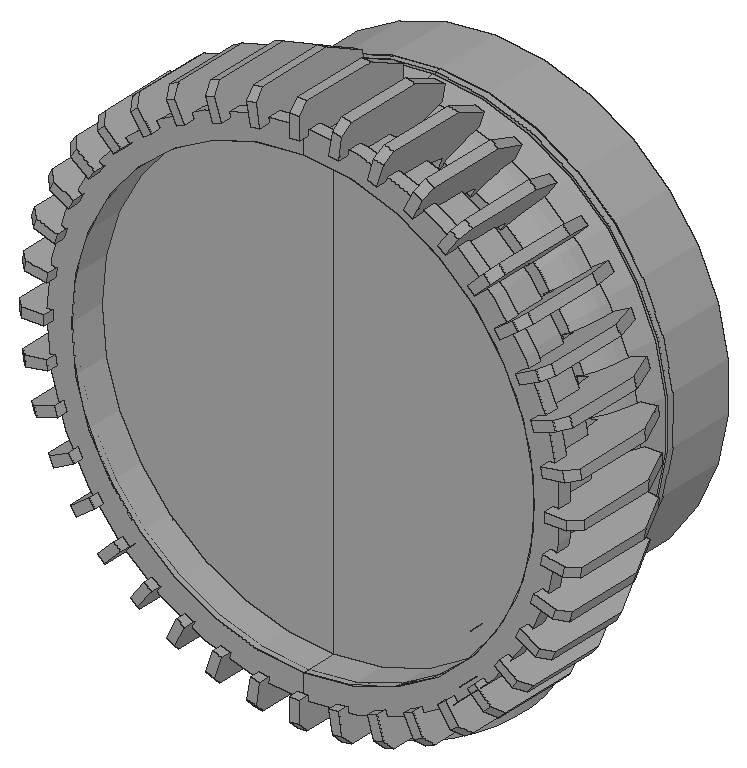
Revit family "KSL_Kemlu-Wall Mount", category Lighting Fixtures, host Face, Revit 2021
Family settings
  Host = Face
  Round Connector Dimension = Use Diameter
  Part Type = Normal
  OmniClass Number = 23.80.70.14
  OmniClass Title = Luminaries for External Lighting
  Cut with Voids When Loaded = No
  Light Source = Yes
  Shared = No
  Room Calculation Point = No
Parameters (values of type "KSL-18L-X-5K-5M")
  Wattage Comments = "43 Watts"
  Wattage = 43 W
  Watt = 43 W
  built-in parameter 1150110 = 1 (stored number, unit not read)
  Voltage = 277 V
  URL = "https://www.currentlighting.com/columbia"
  built-in parameter 1114217 = 1 (stored number, unit not read)
  Tilt Angle = -90.00°
  built-in parameter 1150109 = 1 (stored number, unit not read)
  built-in parameter 1150134 = 2
  built-in parameter 1150113 = 1 (stored number, unit not read)
  Product Page URL = ""
  Product Documentation Link = ""
  Power Factor = 1
  Photometric Web File = "KXL-18L-X-5K-5M.ies"
  Optics = "Type V Square"
  Mount = "Wall Mount"  # constant formula
  Model = "KSL - Kemlux III LED Series"  # constant formula
  Material Finish = Powdercoat - Gray
  Manufacturer = " Columbia Lighting"  # constant formula
  built-in parameter 1150105 = 352.45 (stored number, unit not read)
  Lumens = 4429 lm
  built-in parameter 1150115 = 1 (stored number, unit not read)
  Load Classification = Lighting
  built-in parameter 1150137 = (empty or 0)
  built-in parameter 1150139 = (empty or 0)
  built-in parameter 1150112 = 1 (stored number, unit not read)
  built-in parameter 1150114 = 1 (stored number, unit not read)
  Lamp = "18 High Performanc LEDs"
  built-in parameter 1150132 = (empty or 0)
  built-in parameter 1150102 = (empty or 0)
  built-in parameter 1150107 = 5000 (stored number, unit not read)
  built-in parameter 1150138 = (empty or 0)
  built-in parameter 1150106 = 3.5245 (stored number, unit not read)
  Glass = White Glass
  Emit from Circle Diameter = 0' - 11"
  Emit Shape Visible in Rendering = no
  built-in parameter 1150104 = 9.569 (stored number, unit not read)
  Dimming Lamp Color Temperature Shift = <None>
  Description = "Enclosed and gasketed LED fixture series"  # constant formula
  Default Elevation = 4' - 0"
  Color Filter = 16777215
  built-in parameter 1114218 = 1 (stored number, unit not read)
  built-in parameter 1150133 = 10 (stored number, unit not read)
  Apparent Load = Watt / Power Factor  # 43 VA
Reference planes (in)
  plane 1 "Center (Front/Back)": y = 0
  plane 2: z = 0
  plane 3 "Center (Left/Right)": x = 0
Lines and regions (in)
  reference lines
    curve 1: line (-5.55547, 0, 5.53932) -> (10.19453, 0, 5.53932)
    curve 2: line (7.29478, 0, 7.53677) -> (-0.62911, 0, -2.76915)
Dimensions and locks (in)
  aligned and locked: plane 2 to host face
  aligned and locked: level to host face
  aligned and locked: plane 1 "Center (Front/Back)" to nested 1
  aligned and locked: plane 3 "Center (Left/Right)" to nested 1
  aligned and locked: nested 2 to plane 3 "Center (Left/Right)"
  aligned and locked: nested 2 to nested 1
  aligned and locked: imposter light to nested 2  (x2)
  aligned and locked: plane 3 "Center (Left/Right)" to imposter light
Nested families (in)
  nested 1: "KSL_Wall Mount" at (0, 0, 0), type "KSL_Wall Mount"
  nested 2: "KSL" at (0, -0.625, 8.5) x (0, 0, -1) z (0, -1, 0), type "KSL"
Connectors (in)
  electrical at (0, 0, 0), driven by "Load Classification", driven by "Voltage", driven by "Apparent Load", driven by "Power Factor"
    settings: on nested 1, index 1, voltage 277 V, apparent load 43 VA, apparent load phase1 0 VA, apparent load phase2 0 VA, apparent load phase3 0 VA, power factor 1, load classification "Lighting", number of poles 1, system type 30, power factor state 1, is connector primary yes, connector utility no, sub classification motor no, connector description "Lighting Connector"
Definition of nested family "KSL_Wall Mount"
  Parameters
    Wattage Comments = ""
    URL = "http://www.hubbellindustrial.com/"
    Model = "KSL - Kemlux III LED"  # constant formula
    Material Finish = none
    Manufacturer = "Hubbell Industrial Lighting"  # constant formula
    Lamp = ""
    Description = ""
    Default Elevation = 4' - 0"
    Apparent Load = 0 VA
  Reference planes (in)
    plane 1 "Center (Front/Back)": y = 0
    plane 2: z = 0
    plane 3 "Center (Left/Right)": x = 0
    plane 4: y = 1.125
    plane 5: y = -0.625
    plane 6: y = 2.5
    plane 7: y = -2.5
    plane 8: z = 1
    plane 9: z = 8.5
    plane 10: x = -1.25
    plane 11: x = 1.25
    plane 12: x = -0.5
    plane 13: x = 0.5
  Forms (in)
    Extrusion 1, solid
      sketch origin (0, 0, 0) x (1, 0, 0) y (0, 1, 0)
        loop
          line (-48, 48) -> (-48, -48) -> (48, -48) -> (48, 48) -> (-48, 48)
      from 0 to -12
    Extrusion 2, solid, material <- "Material Finish"
      sketch origin (0, 0, 0) x (1, 0, 0) y (0, 1, 0)
        loop
          spline (0, -2.5) -> (0.42151, -2.41481) -> (0.8143, -2.16506) -> (1.1516, -1.76777) -> (1.41042, -1.25) -> (1.57311, -0.64705) -> (1.62861, 0) -> (1.57311, 0.64705) -> (1.41042, 1.25) -> (1.1516, 1.76777) -> (0.8143, 2.16506) -> (0.42151, 2.41481) -> (0, 2.5)
          spline (0, 2.5) -> (-0.42151, 2.41481) -> (-0.8143, 2.16506) -> (-1.1516, 1.76777) -> (-1.41042, 1.25) -> (-1.57311, 0.64705) -> (-1.62861, 0) -> (-1.57311, -0.64705) -> (-1.41042, -1.25) -> (-1.1516, -1.76777) -> (-0.8143, -2.16506) -> (-0.42151, -2.41481) -> (0, -2.5)
      from 0 to 1
    Extrusion 3, solid, material <- "Material Finish"
      sketch origin (0, 0, 0) x (1, 0, 0) y (0, 0, 1)
        loop
          arc (1.25, 2.63165) -> (0, 14.5) -> (-1.25, 2.63165) r 6
          line (-1.25, 2.63165) -> (-1.25, 1) -> (1.25, 1) -> (1.25, 2.63165)
      from 0.625 to -1.125
    Extrusion 4, solid, material <- "Material Finish"
      sketch origin (0, 0, 0) x (0, 1, 0) y (0, 0, 1)
        loop
          line (-0.625, 2.25) -> (-1.875, 1) -> (-0.625, 1) -> (-0.625, 2.25)
      from 0.5 to -0.5
  Lines and regions (in)
    reference lines
      curve 1: line (-5.55547, 0, 5.53932) -> (10.19453, 0, 5.53932)
      curve 2: line (7.29478, 0, 7.53677) -> (-0.62911, 0, -2.76915)
  Dimensions and locks (in)
    equal spacing: plane 6, plane 1 "Center (Front/Back)", plane 7, locked at 2.5 each
    locked: plane 8 to plane 2 at 1
    locked: plane 4 to plane 5 at 1.75
    locked: plane 4 to plane 1 "Center (Front/Back)" at 1.125
    plane 1 "Center (Front/Back)" to plane 6 = 0' - 2 1/2"
    locked: plane 9 to plane 8 at 7.5
    equal spacing: plane 11, plane 3 "Center (Left/Right)", plane 10, locked at 1.25 each
    equal spacing: plane 13, plane 3 "Center (Left/Right)", plane 12, locked at 0.5 each
    radius of Extrusion 3 sketch curve = 0' - 6"
    aligned and locked: plane 2 to Extrusion 1
    aligned and locked: level to Extrusion 1
    aligned and locked: plane 1 "Center (Front/Back)" to Extrusion 2 sketch curve
    aligned and locked: plane 3 "Center (Left/Right)" to Extrusion 2 sketch curve
    aligned and locked: plane 8 to Extrusion 2
    aligned and locked: Extrusion 2 to plane 2
    aligned and locked: plane 3 "Center (Left/Right)" to Extrusion 3 sketch curve
    aligned and locked: Extrusion 3 sketch curve to plane 8
    aligned and locked: plane 4 to Extrusion 3
    aligned and locked: plane 5 to Extrusion 3
    aligned and locked: plane 9 to Extrusion 3 sketch curve
    aligned and locked: Extrusion 3 sketch curve to plane 10
    aligned and locked: plane 11 to Extrusion 3 sketch curve
    aligned and locked: Extrusion 4 to plane 12
    aligned and locked: Extrusion 4 to plane 13
  Automatic sketch dimensions
    Extrusion 1 sketch curve to Extrusion 1 sketch curve = 8' - 0"  (x2)
    curve 1 to plane 3 "Center (Left/Right)" = 0' - 5.55547"
    curve 2 to plane 3 "Center (Left/Right)" = 0' - 0.62911"
    curve 2 to level = 0' - 2.76915"
    level to curve 1 = 0' - 5.53932"
    curve 1 to curve 2 = 0' - 1.99745"
    plane 3 "Center (Left/Right)" to curve 2 = 0' - 7.29478"
    curve 2 to curve 1 = 0' - 2.89976"
    plane 7 to Extrusion 2 sketch curve = 0' - 0"
    Extrusion 4 sketch curve to plane 8 = 0' - 0"
    Extrusion 4 sketch curve to plane 7 = 0' - 0 5/8"
    Extrusion 4 sketch curve to plane 5 = 0' - 0"
    plane 8 to Extrusion 4 sketch curve = 0' - 1 1/4"
Definition of nested family "KSL"
  Parameters
    Wattage Comments = ""
    URL = ""
    Model = ""
    Material Finish = none
    Manufacturer = ""
    Lamp = ""
    IES FILE LINK = ""
    Glass = none
    Description = ""
    Default Elevation = 4' - 0"
    Apparent Load = 0 VA
  Reference planes (in)
    plane 1 "Center (Front/Back)": y = 0
    plane 2: z = 0
    plane 3 "Center (Left/Right)": x = 0
    plane 4: x = -7.25
    plane 5: x = 7.25
    plane 6: x = -5.5
    plane 7: x = 5.5
  Forms (in)
    Extrusion 1, solid
      sketch origin (0, 0, 0) x (1, 0, 0) y (0, 1, 0)
        loop
          line (-48, 48) -> (-48, -48) -> (48, -48) -> (48, 48) -> (-48, 48)
      from 0 to -12
    Revolve 2, solid, material <- "Material Finish"
      sketch origin (0, 0, -1.3125) x (1, 0, 0) y (0, 0, 1)
        loop
          line (5.73742, 2.6875) -> (6.24933, 2.6875)
          arc (6.24933, 2.6875) -> (6.15662, 3.19814) -> (5.89032, 3.6436) r 1.45262
          line (5.89032, 3.6436) -> (5.5, 3.6436) -> (5.5, 4.37254) -> (6.34375, 4.37254) -> (6.34375, 5.37007) -> (6.59375, 5.37007) -> (6.59375, 5.71977) -> (5.95302, 5.71977) -> (5.95302, 4.75) -> (0, 4.75) -> (0, 1.3125) -> (6, 1.3125) -> (6, 1.47979) -> (5.5, 1.47979) -> (5.5, 1.5625) -> (5.99031, 1.5625) -> (5.73742, 2.6875)
        axis (0, 5.71977) -> (0, 1.3125)
      angle from 0 to 360
    Extrusion 3, solid, material <- "Glass"
      sketch origin (0, 0, -1.3125) x (1, 0, 0) y (0, 1, 0)
        loop
          circle (0, 0) r 5.95302
      from 5.71977 to 5.56262
    Extrusion 4, solid, material <- "Material Finish"
      sketch origin (0, 0, -1.3125) x (1, 0, 0) y (0, 0, 1)
        loop
          line (6.42821, 6) -> (6.42821, 5.66655) -> (6.045, 3.7335) -> (5.75, 3.7335) -> (5.75, 3.06247) -> (6.1875, 3.06247) -> (6.31956, 2.66852) -> (6.75, 2.66852) -> (7.25, 3.69367) -> (7.25, 5.75) -> (7, 6) -> (6.42821, 6)
      from 0.125 to -0.125
    Extrusion 5, solid, material <- "Material Finish"
      sketch origin (0, 0, -1.3125) x (0.987688, -0.156434, 0) y (0, 0, 1)
        loop
          line (6.42821, 6) -> (6.42821, 5.66655) -> (6.045, 3.7335) -> (5.75, 3.7335) -> (5.75, 3.06247) -> (6.1875, 3.06247) -> (6.31956, 2.66852) -> (6.75, 2.66852) -> (7.25, 3.69367) -> (7.25, 5.75) -> (7, 6) -> (6.42821, 6)
      from 0.125 to -0.125
    Extrusion 6, solid, material <- "Material Finish"
      sketch origin (0, 0, -1.3125) x (0.951057, -0.309017, 0) y (0, 0, 1)
        loop
          line (6.42821, 6) -> (6.42821, 5.66655) -> (6.045, 3.7335) -> (5.75, 3.7335) -> (5.75, 3.06247) -> (6.1875, 3.06247) -> (6.31956, 2.66852) -> (6.75, 2.66852) -> (7.25, 3.69367) -> (7.25, 5.75) -> (7, 6) -> (6.42821, 6)
      from 0.125 to -0.125
    Extrusion 7, solid, material <- "Material Finish"
      sketch origin (0, 0, -1.3125) x (0.891007, -0.45399, 0) y (0, 0, 1)
        loop
          line (6.42821, 6) -> (6.42821, 5.66655) -> (6.045, 3.7335) -> (5.75, 3.7335) -> (5.75, 3.06247) -> (6.1875, 3.06247) -> (6.31956, 2.66852) -> (6.75, 2.66852) -> (7.25, 3.69367) -> (7.25, 5.75) -> (7, 6) -> (6.42821, 6)
      from 0.125 to -0.125
    Extrusion 8, solid, material <- "Material Finish"
      sketch origin (0, 0, -1.3125) x (0.809017, -0.587785, 0) y (0, 0, 1)
        loop
          line (6.42821, 6) -> (6.42821, 5.66655) -> (6.045, 3.7335) -> (5.75, 3.7335) -> (5.75, 3.06247) -> (6.1875, 3.06247) -> (6.31956, 2.66852) -> (6.75, 2.66852) -> (7.25, 3.69367) -> (7.25, 5.75) -> (7, 6) -> (6.42821, 6)
      from 0.125 to -0.125
    Extrusion 9, solid, material <- "Material Finish"
      sketch origin (0, 0, -1.3125) x (0.707107, -0.707107, 0) y (0, 0, 1)
        loop
          line (6.42821, 6) -> (6.42821, 5.66655) -> (6.045, 3.7335) -> (5.75, 3.7335) -> (5.75, 3.06247) -> (6.1875, 3.06247) -> (6.31956, 2.66852) -> (6.75, 2.66852) -> (7.25, 3.69367) -> (7.25, 5.75) -> (7, 6) -> (6.42821, 6)
      from 0.125 to -0.125
    Extrusion 10, solid, material <- "Material Finish"
      sketch origin (0, 0, -1.3125) x (0.587785, -0.809017, 0) y (0, 0, 1)
        loop
          line (6.42821, 6) -> (6.42821, 5.66655) -> (6.045, 3.7335) -> (5.75, 3.7335) -> (5.75, 3.06247) -> (6.1875, 3.06247) -> (6.31956, 2.66852) -> (6.75, 2.66852) -> (7.25, 3.69367) -> (7.25, 5.75) -> (7, 6) -> (6.42821, 6)
      from 0.125 to -0.125
    Extrusion 11, solid, material <- "Material Finish"
      sketch origin (0, 0, -1.3125) x (0.45399, -0.891007, 0) y (0, 0, 1)
        loop
          line (6.42821, 6) -> (6.42821, 5.66655) -> (6.045, 3.7335) -> (5.75, 3.7335) -> (5.75, 3.06247) -> (6.1875, 3.06247) -> (6.31956, 2.66852) -> (6.75, 2.66852) -> (7.25, 3.69367) -> (7.25, 5.75) -> (7, 6) -> (6.42821, 6)
      from 0.125 to -0.125
    Extrusion 12, solid, material <- "Material Finish"
      sketch origin (0, 0, -1.3125) x (0.309017, -0.951057, 0) y (0, 0, 1)
        loop
          line (6.42821, 6) -> (6.42821, 5.66655) -> (6.045, 3.7335) -> (5.75, 3.7335) -> (5.75, 3.06247) -> (6.1875, 3.06247) -> (6.31956, 2.66852) -> (6.75, 2.66852) -> (7.25, 3.69367) -> (7.25, 5.75) -> (7, 6) -> (6.42821, 6)
      from 0.125 to -0.125
    Extrusion 13, solid, material <- "Material Finish"
      sketch origin (0, 0, -1.3125) x (0.156434, -0.987688, 0) y (0, 0, 1)
        loop
          line (6.42821, 6) -> (6.42821, 5.66655) -> (6.045, 3.7335) -> (5.75, 3.7335) -> (5.75, 3.06247) -> (6.1875, 3.06247) -> (6.31956, 2.66852) -> (6.75, 2.66852) -> (7.25, 3.69367) -> (7.25, 5.75) -> (7, 6) -> (6.42821, 6)
      from 0.125 to -0.125
    Extrusion 14, solid, material <- "Material Finish"
      sketch origin (0, 0, -1.3125) x (0, -1, 0) y (0, 0, 1)
        loop
          line (6.42821, 6) -> (6.42821, 5.66655) -> (6.045, 3.7335) -> (5.75, 3.7335) -> (5.75, 3.06247) -> (6.1875, 3.06247) -> (6.31956, 2.66852) -> (6.75, 2.66852) -> (7.25, 3.69367) -> (7.25, 5.75) -> (7, 6) -> (6.42821, 6)
      from 0.125 to -0.125
    Extrusion 15, solid, material <- "Material Finish"
      sketch origin (0, 0, -1.3125) x (-0.156434, -0.987688, 0) y (0, 0, 1)
        loop
          line (6.42821, 6) -> (6.42821, 5.66655) -> (6.045, 3.7335) -> (5.75, 3.7335) -> (5.75, 3.06247) -> (6.1875, 3.06247) -> (6.31956, 2.66852) -> (6.75, 2.66852) -> (7.25, 3.69367) -> (7.25, 5.75) -> (7, 6) -> (6.42821, 6)
      from 0.125 to -0.125
    Extrusion 16, solid, material <- "Material Finish"
      sketch origin (0, 0, -1.3125) x (-0.309017, -0.951057, 0) y (0, 0, 1)
        loop
          line (6.42821, 6) -> (6.42821, 5.66655) -> (6.045, 3.7335) -> (5.75, 3.7335) -> (5.75, 3.06247) -> (6.1875, 3.06247) -> (6.31956, 2.66852) -> (6.75, 2.66852) -> (7.25, 3.69367) -> (7.25, 5.75) -> (7, 6) -> (6.42821, 6)
      from 0.125 to -0.125
    Extrusion 17, solid, material <- "Material Finish"
      sketch origin (0, 0, -1.3125) x (-0.45399, -0.891007, 0) y (0, 0, 1)
        loop
          line (6.42821, 6) -> (6.42821, 5.66655) -> (6.045, 3.7335) -> (5.75, 3.7335) -> (5.75, 3.06247) -> (6.1875, 3.06247) -> (6.31956, 2.66852) -> (6.75, 2.66852) -> (7.25, 3.69367) -> (7.25, 5.75) -> (7, 6) -> (6.42821, 6)
      from 0.125 to -0.125
    Extrusion 18, solid, material <- "Material Finish"
      sketch origin (0, 0, -1.3125) x (-0.587785, -0.809017, 0) y (0, 0, 1)
        loop
          line (6.42821, 6) -> (6.42821, 5.66655) -> (6.045, 3.7335) -> (5.75, 3.7335) -> (5.75, 3.06247) -> (6.1875, 3.06247) -> (6.31956, 2.66852) -> (6.75, 2.66852) -> (7.25, 3.69367) -> (7.25, 5.75) -> (7, 6) -> (6.42821, 6)
      from 0.125 to -0.125
    Extrusion 19, solid, material <- "Material Finish"
      sketch origin (0, 0, -1.3125) x (-0.707107, -0.707107, 0) y (0, 0, 1)
        loop
          line (6.42821, 6) -> (6.42821, 5.66655) -> (6.045, 3.7335) -> (5.75, 3.7335) -> (5.75, 3.06247) -> (6.1875, 3.06247) -> (6.31956, 2.66852) -> (6.75, 2.66852) -> (7.25, 3.69367) -> (7.25, 5.75) -> (7, 6) -> (6.42821, 6)
      from 0.125 to -0.125
    Extrusion 20, solid, material <- "Material Finish"
      sketch origin (0, 0, -1.3125) x (-0.809017, -0.587785, 0) y (0, 0, 1)
        loop
          line (6.42821, 6) -> (6.42821, 5.66655) -> (6.045, 3.7335) -> (5.75, 3.7335) -> (5.75, 3.06247) -> (6.1875, 3.06247) -> (6.31956, 2.66852) -> (6.75, 2.66852) -> (7.25, 3.69367) -> (7.25, 5.75) -> (7, 6) -> (6.42821, 6)
      from 0.125 to -0.125
    Extrusion 21, solid, material <- "Material Finish"
      sketch origin (0, 0, -1.3125) x (-0.891007, -0.45399, 0) y (0, 0, 1)
        loop
          line (6.42821, 6) -> (6.42821, 5.66655) -> (6.045, 3.7335) -> (5.75, 3.7335) -> (5.75, 3.06247) -> (6.1875, 3.06247) -> (6.31956, 2.66852) -> (6.75, 2.66852) -> (7.25, 3.69367) -> (7.25, 5.75) -> (7, 6) -> (6.42821, 6)
      from 0.125 to -0.125
    Extrusion 22, solid, material <- "Material Finish"
      sketch origin (0, 0, -1.3125) x (-0.951057, -0.309017, 0) y (0, 0, 1)
        loop
          line (6.42821, 6) -> (6.42821, 5.66655) -> (6.045, 3.7335) -> (5.75, 3.7335) -> (5.75, 3.06247) -> (6.1875, 3.06247) -> (6.31956, 2.66852) -> (6.75, 2.66852) -> (7.25, 3.69367) -> (7.25, 5.75) -> (7, 6) -> (6.42821, 6)
      from 0.125 to -0.125
    Extrusion 23, solid, material <- "Material Finish"
      sketch origin (0, 0, -1.3125) x (-0.987688, -0.156434, 0) y (0, 0, 1)
        loop
          line (6.42821, 6) -> (6.42821, 5.66655) -> (6.045, 3.7335) -> (5.75, 3.7335) -> (5.75, 3.06247) -> (6.1875, 3.06247) -> (6.31956, 2.66852) -> (6.75, 2.66852) -> (7.25, 3.69367) -> (7.25, 5.75) -> (7, 6) -> (6.42821, 6)
      from 0.125 to -0.125
    Extrusion 24, solid, material <- "Material Finish"
      sketch origin (0, 0, -1.3125) x (-1, 0, 0) y (0, 0, 1)
        loop
          line (6.42821, 6) -> (6.42821, 5.66655) -> (6.045, 3.7335) -> (5.75, 3.7335) -> (5.75, 3.06247) -> (6.1875, 3.06247) -> (6.31956, 2.66852) -> (6.75, 2.66852) -> (7.25, 3.69367) -> (7.25, 5.75) -> (7, 6) -> (6.42821, 6)
      from 0.125 to -0.125
    Extrusion 25, solid, material <- "Material Finish"
      sketch origin (0, 0, -1.3125) x (-0.987688, 0.156434, 0) y (0, 0, 1)
        loop
          line (6.42821, 6) -> (6.42821, 5.66655) -> (6.045, 3.7335) -> (5.75, 3.7335) -> (5.75, 3.06247) -> (6.1875, 3.06247) -> (6.31956, 2.66852) -> (6.75, 2.66852) -> (7.25, 3.69367) -> (7.25, 5.75) -> (7, 6) -> (6.42821, 6)
      from 0.125 to -0.125
    Extrusion 26, solid, material <- "Material Finish"
      sketch origin (0, 0, -1.3125) x (-0.951057, 0.309017, 0) y (0, 0, 1)
        loop
          line (6.42821, 6) -> (6.42821, 5.66655) -> (6.045, 3.7335) -> (5.75, 3.7335) -> (5.75, 3.06247) -> (6.1875, 3.06247) -> (6.31956, 2.66852) -> (6.75, 2.66852) -> (7.25, 3.69367) -> (7.25, 5.75) -> (7, 6) -> (6.42821, 6)
      from 0.125 to -0.125
    Extrusion 27, solid, material <- "Material Finish"
      sketch origin (0, 0, -1.3125) x (-0.891007, 0.45399, 0) y (0, 0, 1)
        loop
          line (6.42821, 6) -> (6.42821, 5.66655) -> (6.045, 3.7335) -> (5.75, 3.7335) -> (5.75, 3.06247) -> (6.1875, 3.06247) -> (6.31956, 2.66852) -> (6.75, 2.66852) -> (7.25, 3.69367) -> (7.25, 5.75) -> (7, 6) -> (6.42821, 6)
      from 0.125 to -0.125
    Extrusion 28, solid, material <- "Material Finish"
      sketch origin (0, 0, -1.3125) x (-0.809017, 0.587785, 0) y (0, 0, 1)
        loop
          line (6.42821, 6) -> (6.42821, 5.66655) -> (6.045, 3.7335) -> (5.75, 3.7335) -> (5.75, 3.06247) -> (6.1875, 3.06247) -> (6.31956, 2.66852) -> (6.75, 2.66852) -> (7.25, 3.69367) -> (7.25, 5.75) -> (7, 6) -> (6.42821, 6)
      from 0.125 to -0.125
    Extrusion 29, solid, material <- "Material Finish"
      sketch origin (0, 0, -1.3125) x (-0.707107, 0.707107, 0) y (0, 0, 1)
        loop
          line (6.42821, 6) -> (6.42821, 5.66655) -> (6.045, 3.7335) -> (5.75, 3.7335) -> (5.75, 3.06247) -> (6.1875, 3.06247) -> (6.31956, 2.66852) -> (6.75, 2.66852) -> (7.25, 3.69367) -> (7.25, 5.75) -> (7, 6) -> (6.42821, 6)
      from 0.125 to -0.125
    Extrusion 30, solid, material <- "Material Finish"
      sketch origin (0, 0, -1.3125) x (-0.587785, 0.809017, 0) y (0, 0, 1)
        loop
          line (6.42821, 6) -> (6.42821, 5.66655) -> (6.045, 3.7335) -> (5.75, 3.7335) -> (5.75, 3.06247) -> (6.1875, 3.06247) -> (6.31956, 2.66852) -> (6.75, 2.66852) -> (7.25, 3.69367) -> (7.25, 5.75) -> (7, 6) -> (6.42821, 6)
      from 0.125 to -0.125
    Extrusion 31, solid, material <- "Material Finish"
      sketch origin (0, 0, -1.3125) x (-0.45399, 0.891007, 0) y (0, 0, 1)
        loop
          line (6.42821, 6) -> (6.42821, 5.66655) -> (6.045, 3.7335) -> (5.75, 3.7335) -> (5.75, 3.06247) -> (6.1875, 3.06247) -> (6.31956, 2.66852) -> (6.75, 2.66852) -> (7.25, 3.69367) -> (7.25, 5.75) -> (7, 6) -> (6.42821, 6)
      from 0.125 to -0.125
    Extrusion 32, solid, material <- "Material Finish"
      sketch origin (0, 0, -1.3125) x (-0.309017, 0.951057, 0) y (0, 0, 1)
        loop
          line (6.42821, 6) -> (6.42821, 5.66655) -> (6.045, 3.7335) -> (5.75, 3.7335) -> (5.75, 3.06247) -> (6.1875, 3.06247) -> (6.31956, 2.66852) -> (6.75, 2.66852) -> (7.25, 3.69367) -> (7.25, 5.75) -> (7, 6) -> (6.42821, 6)
      from 0.125 to -0.125
    Extrusion 33, solid, material <- "Material Finish"
      sketch origin (0, 0, -1.3125) x (-0.156434, 0.987688, 0) y (0, 0, 1)
        loop
          line (6.42821, 6) -> (6.42821, 5.66655) -> (6.045, 3.7335) -> (5.75, 3.7335) -> (5.75, 3.06247) -> (6.1875, 3.06247) -> (6.31956, 2.66852) -> (6.75, 2.66852) -> (7.25, 3.69367) -> (7.25, 5.75) -> (7, 6) -> (6.42821, 6)
      from 0.125 to -0.125
    Extrusion 34, solid, material <- "Material Finish"
      sketch origin (0, 0, -1.3125) x (0, 1, 0) y (0, 0, 1)
        loop
          line (6.42821, 6) -> (6.42821, 5.66655) -> (6.045, 3.7335) -> (5.75, 3.7335) -> (5.75, 3.06247) -> (6.1875, 3.06247) -> (6.31956, 2.66852) -> (6.75, 2.66852) -> (7.25, 3.69367) -> (7.25, 5.75) -> (7, 6) -> (6.42821, 6)
      from 0.125 to -0.125
    Extrusion 35, solid, material <- "Material Finish"
      sketch origin (0, 0, -1.3125) x (0.156434, 0.987688, 0) y (0, 0, 1)
        loop
          line (6.42821, 6) -> (6.42821, 5.66655) -> (6.045, 3.7335) -> (5.75, 3.7335) -> (5.75, 3.06247) -> (6.1875, 3.06247) -> (6.31956, 2.66852) -> (6.75, 2.66852) -> (7.25, 3.69367) -> (7.25, 5.75) -> (7, 6) -> (6.42821, 6)
      from 0.125 to -0.125
    Extrusion 36, solid, material <- "Material Finish"
      sketch origin (0, 0, -1.3125) x (0.309017, 0.951057, 0) y (0, 0, 1)
        loop
          line (6.42821, 6) -> (6.42821, 5.66655) -> (6.045, 3.7335) -> (5.75, 3.7335) -> (5.75, 3.06247) -> (6.1875, 3.06247) -> (6.31956, 2.66852) -> (6.75, 2.66852) -> (7.25, 3.69367) -> (7.25, 5.75) -> (7, 6) -> (6.42821, 6)
      from 0.125 to -0.125
    Extrusion 37, solid, material <- "Material Finish"
      sketch origin (0, 0, -1.3125) x (0.45399, 0.891007, 0) y (0, 0, 1)
        loop
          line (6.42821, 6) -> (6.42821, 5.66655) -> (6.045, 3.7335) -> (5.75, 3.7335) -> (5.75, 3.06247) -> (6.1875, 3.06247) -> (6.31956, 2.66852) -> (6.75, 2.66852) -> (7.25, 3.69367) -> (7.25, 5.75) -> (7, 6) -> (6.42821, 6)
      from 0.125 to -0.125
    Extrusion 38, solid, material <- "Material Finish"
      sketch origin (0, 0, -1.3125) x (0.587785, 0.809017, 0) y (0, 0, 1)
        loop
          line (6.42821, 6) -> (6.42821, 5.66655) -> (6.045, 3.7335) -> (5.75, 3.7335) -> (5.75, 3.06247) -> (6.1875, 3.06247) -> (6.31956, 2.66852) -> (6.75, 2.66852) -> (7.25, 3.69367) -> (7.25, 5.75) -> (7, 6) -> (6.42821, 6)
      from 0.125 to -0.125
    Extrusion 39, solid, material <- "Material Finish"
      sketch origin (0, 0, -1.3125) x (0.707107, 0.707107, 0) y (0, 0, 1)
        loop
          line (6.42821, 6) -> (6.42821, 5.66655) -> (6.045, 3.7335) -> (5.75, 3.7335) -> (5.75, 3.06247) -> (6.1875, 3.06247) -> (6.31956, 2.66852) -> (6.75, 2.66852) -> (7.25, 3.69367) -> (7.25, 5.75) -> (7, 6) -> (6.42821, 6)
      from 0.125 to -0.125
    Extrusion 40, solid, material <- "Material Finish"
      sketch origin (0, 0, -1.3125) x (0.809017, 0.587785, 0) y (0, 0, 1)
        loop
          line (6.42821, 6) -> (6.42821, 5.66655) -> (6.045, 3.7335) -> (5.75, 3.7335) -> (5.75, 3.06247) -> (6.1875, 3.06247) -> (6.31956, 2.66852) -> (6.75, 2.66852) -> (7.25, 3.69367) -> (7.25, 5.75) -> (7, 6) -> (6.42821, 6)
      from 0.125 to -0.125
    Extrusion 41, solid, material <- "Material Finish"
      sketch origin (0, 0, -1.3125) x (0.891007, 0.45399, 0) y (0, 0, 1)
        loop
          line (6.42821, 6) -> (6.42821, 5.66655) -> (6.045, 3.7335) -> (5.75, 3.7335) -> (5.75, 3.06247) -> (6.1875, 3.06247) -> (6.31956, 2.66852) -> (6.75, 2.66852) -> (7.25, 3.69367) -> (7.25, 5.75) -> (7, 6) -> (6.42821, 6)
      from 0.125 to -0.125
    Extrusion 42, solid, material <- "Material Finish"
      sketch origin (0, 0, -1.3125) x (0.951057, 0.309017, 0) y (0, 0, 1)
        loop
          line (6.42821, 6) -> (6.42821, 5.66655) -> (6.045, 3.7335) -> (5.75, 3.7335) -> (5.75, 3.06247) -> (6.1875, 3.06247) -> (6.31956, 2.66852) -> (6.75, 2.66852) -> (7.25, 3.69367) -> (7.25, 5.75) -> (7, 6) -> (6.42821, 6)
      from 0.125 to -0.125
    Extrusion 43, solid, material <- "Material Finish"
      sketch origin (0, 0, -1.3125) x (0.987688, 0.156434, 0) y (0, 0, 1)
        loop
          line (6.42821, 6) -> (6.42821, 5.66655) -> (6.045, 3.7335) -> (5.75, 3.7335) -> (5.75, 3.06247) -> (6.1875, 3.06247) -> (6.31956, 2.66852) -> (6.75, 2.66852) -> (7.25, 3.69367) -> (7.25, 5.75) -> (7, 6) -> (6.42821, 6)
      from 0.125 to -0.125
  Lines and regions (in)
    reference lines
      curve 1: line (5.95302, 0, 4.75) -> (0, 0, 4.75)
      curve 2: line (5.95302, 0, 5.92266) -> (5.95302, 0, 4.75)
      curve 3: line (6.59375, 0, 5.37007) -> (6.59375, 0, 5.92266)
      curve 4: line (6.34375, 0, 5.37007) -> (6.59375, 0, 5.37007)
      curve 5: line (6.34375, 0, 4.37254) -> (5.5, 0, 4.37254)
      curve 6: line (6.34375, 0, 4.37254) -> (6.34375, 0, 5.37007)
      curve 7: arc (6.25, 0, 2.75) -> (6.14885, 0, 3.28681) -> (5.85927, 0, 3.75) r 1.47501
      curve 8: line (5.85927, 0, 2.75) -> (6.25, 0, 2.75)
      curve 9: line (5.85927, 0, 2.75) -> (5.85927, 0, 1.75)
      curve 10: line (5.85927, 0, 1.75) -> (4.74529, 0, 1.75)
      curve 11: line (5.85927, 0, 3.75) -> (4.8978, 0, 3.75)
      curve 12: line (5.10824, 0, 5.71977) -> (6.99125, 0, 5.71977)
  Dimensions and locks (in)
    equal spacing: plane 5, plane 3 "Center (Left/Right)", plane 4
    locked: plane 5 to plane 4 at 14.5
    equal spacing: plane 7, plane 3 "Center (Left/Right)", plane 6, locked at 5.5 each
    aligned and locked: plane 2 to Extrusion 1
    aligned and locked: level to Extrusion 1
    aligned and locked: Extrusion 3 sketch curve to Revolve 2
  Automatic sketch dimensions
    Extrusion 4 sketch curve to Extrusion 4 sketch curve = 0' - 0 7/16"
    Extrusion 4 sketch curve to Extrusion 4 sketch curve = 0' - 0.13206"
    Extrusion 4 sketch curve to Extrusion 4 sketch curve = 0' - 0.295"
    Extrusion 4 sketch curve to Extrusion 4 sketch curve = 0' - 0.38321"
    Extrusion 4 sketch curve to Extrusion 4 sketch curve = 0' - 0.43044"
    Extrusion 4 sketch curve to Extrusion 4 sketch curve = 0' - 0.57179"
    Extrusion 4 sketch curve to Extrusion 4 sketch curve = 0' - 0 1/4"  (x2)
    Extrusion 4 sketch curve to Extrusion 4 sketch curve = 0' - 0.39395"
    Extrusion 4 sketch curve to Extrusion 4 sketch curve = 0' - 1.02515"
    Extrusion 4 sketch curve to Extrusion 4 sketch curve = 0' - 0.67103"
    Extrusion 4 sketch curve to Extrusion 4 sketch curve = 0' - 1.93305"
    Extrusion 4 sketch curve to Extrusion 4 sketch curve = 0' - 0.08345"
    Extrusion 5 sketch curve to Extrusion 5 sketch curve = 0' - 0 7/16"
    Extrusion 5 sketch curve to Extrusion 5 sketch curve = 0' - 0.13206"
    Extrusion 5 sketch curve to Extrusion 5 sketch curve = 0' - 0.295"
    Extrusion 5 sketch curve to Extrusion 5 sketch curve = 0' - 0.38321"
    Extrusion 5 sketch curve to Extrusion 5 sketch curve = 0' - 0.43044"
    Extrusion 5 sketch curve to Extrusion 5 sketch curve = 0' - 0.57179"
    Extrusion 5 sketch curve to Extrusion 5 sketch curve = 0' - 0 1/4"  (x2)
    Extrusion 5 sketch curve to Extrusion 5 sketch curve = 0' - 0.39395"
    Extrusion 5 sketch curve to Extrusion 5 sketch curve = 0' - 1.02515"
    Extrusion 5 sketch curve to Extrusion 5 sketch curve = 0' - 0.67103"
    Extrusion 5 sketch curve to Extrusion 5 sketch curve = 0' - 1.93305"
    Extrusion 5 sketch curve to Extrusion 5 sketch curve = 0' - 0.08345"
    Extrusion 6 sketch curve to Extrusion 6 sketch curve = 0' - 0 7/16"
    Extrusion 6 sketch curve to Extrusion 6 sketch curve = 0' - 0.13206"
    Extrusion 6 sketch curve to Extrusion 6 sketch curve = 0' - 0.295"
    Extrusion 6 sketch curve to Extrusion 6 sketch curve = 0' - 0.38321"
    Extrusion 6 sketch curve to Extrusion 6 sketch curve = 0' - 0.43044"
    Extrusion 6 sketch curve to Extrusion 6 sketch curve = 0' - 0.57179"
    Extrusion 6 sketch curve to Extrusion 6 sketch curve = 0' - 0 1/4"  (x2)
    Extrusion 6 sketch curve to Extrusion 6 sketch curve = 0' - 0.39395"
    Extrusion 6 sketch curve to Extrusion 6 sketch curve = 0' - 1.02515"
    Extrusion 6 sketch curve to Extrusion 6 sketch curve = 0' - 0.67103"
    Extrusion 6 sketch curve to Extrusion 6 sketch curve = 0' - 1.93305"
    Extrusion 6 sketch curve to Extrusion 6 sketch curve = 0' - 0.08345"
    Extrusion 7 sketch curve to Extrusion 7 sketch curve = 0' - 0 7/16"
    Extrusion 7 sketch curve to Extrusion 7 sketch curve = 0' - 0.13206"
    Extrusion 7 sketch curve to Extrusion 7 sketch curve = 0' - 0.295"
    Extrusion 7 sketch curve to Extrusion 7 sketch curve = 0' - 0.38321"
    Extrusion 7 sketch curve to Extrusion 7 sketch curve = 0' - 0.43044"
    Extrusion 7 sketch curve to Extrusion 7 sketch curve = 0' - 0.57179"
    Extrusion 7 sketch curve to Extrusion 7 sketch curve = 0' - 0 1/4"  (x2)
    Extrusion 7 sketch curve to Extrusion 7 sketch curve = 0' - 0.39395"
    Extrusion 7 sketch curve to Extrusion 7 sketch curve = 0' - 1.02515"
    Extrusion 7 sketch curve to Extrusion 7 sketch curve = 0' - 0.67103"
    Extrusion 7 sketch curve to Extrusion 7 sketch curve = 0' - 1.93305"
    Extrusion 7 sketch curve to Extrusion 7 sketch curve = 0' - 0.08345"
    Extrusion 8 sketch curve to Extrusion 8 sketch curve = 0' - 0 7/16"
    Extrusion 8 sketch curve to Extrusion 8 sketch curve = 0' - 0.13206"
    Extrusion 8 sketch curve to Extrusion 8 sketch curve = 0' - 0.295"
    Extrusion 8 sketch curve to Extrusion 8 sketch curve = 0' - 0.38321"
    Extrusion 8 sketch curve to Extrusion 8 sketch curve = 0' - 0.43044"
    Extrusion 8 sketch curve to Extrusion 8 sketch curve = 0' - 0.57179"
    Extrusion 8 sketch curve to Extrusion 8 sketch curve = 0' - 0 1/4"  (x2)
    Extrusion 8 sketch curve to Extrusion 8 sketch curve = 0' - 0.39395"
    Extrusion 8 sketch curve to Extrusion 8 sketch curve = 0' - 1.02515"
    Extrusion 8 sketch curve to Extrusion 8 sketch curve = 0' - 0.67103"
    Extrusion 8 sketch curve to Extrusion 8 sketch curve = 0' - 1.93305"
    Extrusion 8 sketch curve to Extrusion 8 sketch curve = 0' - 0.08345"
    Extrusion 9 sketch curve to Extrusion 9 sketch curve = 0' - 0 7/16"
    Extrusion 9 sketch curve to Extrusion 9 sketch curve = 0' - 0.13206"
    Extrusion 9 sketch curve to Extrusion 9 sketch curve = 0' - 0.295"
    Extrusion 9 sketch curve to Extrusion 9 sketch curve = 0' - 0.38321"
    Extrusion 9 sketch curve to Extrusion 9 sketch curve = 0' - 0.43044"
    Extrusion 9 sketch curve to Extrusion 9 sketch curve = 0' - 0.57179"
    Extrusion 9 sketch curve to Extrusion 9 sketch curve = 0' - 0 1/4"  (x2)
    Extrusion 9 sketch curve to Extrusion 9 sketch curve = 0' - 0.39395"
    Extrusion 9 sketch curve to Extrusion 9 sketch curve = 0' - 1.02515"
    Extrusion 9 sketch curve to Extrusion 9 sketch curve = 0' - 0.67103"
    Extrusion 9 sketch curve to Extrusion 9 sketch curve = 0' - 1.93305"
    Extrusion 9 sketch curve to Extrusion 9 sketch curve = 0' - 0.08345"
    Extrusion 10 sketch curve to Extrusion 10 sketch curve = 0' - 0 7/16"
    Extrusion 10 sketch curve to Extrusion 10 sketch curve = 0' - 0.13206"
    Extrusion 10 sketch curve to Extrusion 10 sketch curve = 0' - 0.295"
    Extrusion 10 sketch curve to Extrusion 10 sketch curve = 0' - 0.38321"
    Extrusion 10 sketch curve to Extrusion 10 sketch curve = 0' - 0.43044"
    Extrusion 10 sketch curve to Extrusion 10 sketch curve = 0' - 0.57179"
    Extrusion 10 sketch curve to Extrusion 10 sketch curve = 0' - 0 1/4"  (x2)
    Extrusion 10 sketch curve to Extrusion 10 sketch curve = 0' - 0.39395"
    Extrusion 10 sketch curve to Extrusion 10 sketch curve = 0' - 1.02515"
    Extrusion 10 sketch curve to Extrusion 10 sketch curve = 0' - 0.67103"
    Extrusion 10 sketch curve to Extrusion 10 sketch curve = 0' - 1.93305"
    Extrusion 10 sketch curve to Extrusion 10 sketch curve = 0' - 0.08345"
    Extrusion 11 sketch curve to Extrusion 11 sketch curve = 0' - 0 7/16"
    Extrusion 11 sketch curve to Extrusion 11 sketch curve = 0' - 0.13206"
    Extrusion 11 sketch curve to Extrusion 11 sketch curve = 0' - 0.295"
    Extrusion 11 sketch curve to Extrusion 11 sketch curve = 0' - 0.38321"
    Extrusion 11 sketch curve to Extrusion 11 sketch curve = 0' - 0.43044"
    Extrusion 11 sketch curve to Extrusion 11 sketch curve = 0' - 0.57179"
    Extrusion 11 sketch curve to Extrusion 11 sketch curve = 0' - 0 1/4"  (x2)
    Extrusion 11 sketch curve to Extrusion 11 sketch curve = 0' - 0.39395"
    Extrusion 11 sketch curve to Extrusion 11 sketch curve = 0' - 1.02515"
    Extrusion 11 sketch curve to Extrusion 11 sketch curve = 0' - 0.67103"
    Extrusion 11 sketch curve to Extrusion 11 sketch curve = 0' - 1.93305"
    Extrusion 11 sketch curve to Extrusion 11 sketch curve = 0' - 0.08345"
    Extrusion 12 sketch curve to Extrusion 12 sketch curve = 0' - 0 7/16"
    Extrusion 12 sketch curve to Extrusion 12 sketch curve = 0' - 0.13206"
    Extrusion 12 sketch curve to Extrusion 12 sketch curve = 0' - 0.295"
    Extrusion 12 sketch curve to Extrusion 12 sketch curve = 0' - 0.38321"
    Extrusion 12 sketch curve to Extrusion 12 sketch curve = 0' - 0.43044"
    Extrusion 12 sketch curve to Extrusion 12 sketch curve = 0' - 0.57179"
    Extrusion 12 sketch curve to Extrusion 12 sketch curve = 0' - 0 1/4"  (x2)
    Extrusion 12 sketch curve to Extrusion 12 sketch curve = 0' - 0.39395"
    Extrusion 12 sketch curve to Extrusion 12 sketch curve = 0' - 1.02515"
    Extrusion 12 sketch curve to Extrusion 12 sketch curve = 0' - 0.67103"
    Extrusion 12 sketch curve to Extrusion 12 sketch curve = 0' - 1.93305"
    Extrusion 12 sketch curve to Extrusion 12 sketch curve = 0' - 0.08345"
    Extrusion 13 sketch curve to Extrusion 13 sketch curve = 0' - 0 7/16"
    Extrusion 13 sketch curve to Extrusion 13 sketch curve = 0' - 0.13206"
    Extrusion 13 sketch curve to Extrusion 13 sketch curve = 0' - 0.295"
    Extrusion 13 sketch curve to Extrusion 13 sketch curve = 0' - 0.38321"
    Extrusion 13 sketch curve to Extrusion 13 sketch curve = 0' - 0.43044"
    Extrusion 13 sketch curve to Extrusion 13 sketch curve = 0' - 0.57179"
    Extrusion 13 sketch curve to Extrusion 13 sketch curve = 0' - 0 1/4"  (x2)
    Extrusion 13 sketch curve to Extrusion 13 sketch curve = 0' - 0.39395"
    Extrusion 13 sketch curve to Extrusion 13 sketch curve = 0' - 1.02515"
    Extrusion 13 sketch curve to Extrusion 13 sketch curve = 0' - 0.67103"
    Extrusion 13 sketch curve to Extrusion 13 sketch curve = 0' - 1.93305"
    Extrusion 13 sketch curve to Extrusion 13 sketch curve = 0' - 0.08345"
    Extrusion 14 sketch curve to Extrusion 14 sketch curve = 0' - 0 7/16"
    Extrusion 14 sketch curve to Extrusion 14 sketch curve = 0' - 0.13206"
    Extrusion 14 sketch curve to Extrusion 14 sketch curve = 0' - 0.295"
    Extrusion 14 sketch curve to Extrusion 14 sketch curve = 0' - 0.38321"
    Extrusion 14 sketch curve to Extrusion 14 sketch curve = 0' - 0.43044"
    Extrusion 14 sketch curve to Extrusion 14 sketch curve = 0' - 0.57179"
    Extrusion 14 sketch curve to Extrusion 14 sketch curve = 0' - 0 1/4"  (x2)
    Extrusion 14 sketch curve to Extrusion 14 sketch curve = 0' - 0.39395"
    Extrusion 14 sketch curve to Extrusion 14 sketch curve = 0' - 1.02515"
    Extrusion 14 sketch curve to Extrusion 14 sketch curve = 0' - 0.67103"
    Extrusion 14 sketch curve to Extrusion 14 sketch curve = 0' - 1.93305"
    Extrusion 14 sketch curve to Extrusion 14 sketch curve = 0' - 0.08345"
    Extrusion 15 sketch curve to Extrusion 15 sketch curve = 0' - 0 7/16"
    Extrusion 15 sketch curve to Extrusion 15 sketch curve = 0' - 0.13206"
    Extrusion 15 sketch curve to Extrusion 15 sketch curve = 0' - 0.295"
    Extrusion 15 sketch curve to Extrusion 15 sketch curve = 0' - 0.38321"
    Extrusion 15 sketch curve to Extrusion 15 sketch curve = 0' - 0.43044"
    Extrusion 15 sketch curve to Extrusion 15 sketch curve = 0' - 0.57179"
    Extrusion 15 sketch curve to Extrusion 15 sketch curve = 0' - 0 1/4"  (x2)
    Extrusion 15 sketch curve to Extrusion 15 sketch curve = 0' - 0.39395"
    Extrusion 15 sketch curve to Extrusion 15 sketch curve = 0' - 1.02515"
    Extrusion 15 sketch curve to Extrusion 15 sketch curve = 0' - 0.67103"
    Extrusion 15 sketch curve to Extrusion 15 sketch curve = 0' - 1.93305"
    Extrusion 15 sketch curve to Extrusion 15 sketch curve = 0' - 0.08345"
    Extrusion 16 sketch curve to Extrusion 16 sketch curve = 0' - 0 7/16"
    Extrusion 16 sketch curve to Extrusion 16 sketch curve = 0' - 0.13206"
    Extrusion 16 sketch curve to Extrusion 16 sketch curve = 0' - 0.295"
    Extrusion 16 sketch curve to Extrusion 16 sketch curve = 0' - 0.38321"
    Extrusion 16 sketch curve to Extrusion 16 sketch curve = 0' - 0.43044"
    Extrusion 16 sketch curve to Extrusion 16 sketch curve = 0' - 0.57179"
    Extrusion 16 sketch curve to Extrusion 16 sketch curve = 0' - 0 1/4"  (x2)
    Extrusion 16 sketch curve to Extrusion 16 sketch curve = 0' - 0.39395"
    Extrusion 16 sketch curve to Extrusion 16 sketch curve = 0' - 1.02515"
    Extrusion 16 sketch curve to Extrusion 16 sketch curve = 0' - 0.67103"
    Extrusion 16 sketch curve to Extrusion 16 sketch curve = 0' - 1.93305"
    Extrusion 16 sketch curve to Extrusion 16 sketch curve = 0' - 0.08345"
    Extrusion 17 sketch curve to Extrusion 17 sketch curve = 0' - 0 7/16"
    Extrusion 17 sketch curve to Extrusion 17 sketch curve = 0' - 0.13206"
    Extrusion 17 sketch curve to Extrusion 17 sketch curve = 0' - 0.295"
    Extrusion 17 sketch curve to Extrusion 17 sketch curve = 0' - 0.38321"
    Extrusion 17 sketch curve to Extrusion 17 sketch curve = 0' - 0.43044"
    Extrusion 17 sketch curve to Extrusion 17 sketch curve = 0' - 0.57179"
    Extrusion 17 sketch curve to Extrusion 17 sketch curve = 0' - 0 1/4"  (x2)
    Extrusion 17 sketch curve to Extrusion 17 sketch curve = 0' - 0.39395"
    Extrusion 17 sketch curve to Extrusion 17 sketch curve = 0' - 1.02515"
    Extrusion 17 sketch curve to Extrusion 17 sketch curve = 0' - 0.67103"
    Extrusion 17 sketch curve to Extrusion 17 sketch curve = 0' - 1.93305"
    Extrusion 17 sketch curve to Extrusion 17 sketch curve = 0' - 0.08345"
    Extrusion 18 sketch curve to Extrusion 18 sketch curve = 0' - 0 7/16"
    Extrusion 18 sketch curve to Extrusion 18 sketch curve = 0' - 0.13206"
    Extrusion 18 sketch curve to Extrusion 18 sketch curve = 0' - 0.295"
    Extrusion 18 sketch curve to Extrusion 18 sketch curve = 0' - 0.38321"
    Extrusion 18 sketch curve to Extrusion 18 sketch curve = 0' - 0.43044"
    Extrusion 18 sketch curve to Extrusion 18 sketch curve = 0' - 0.57179"
    Extrusion 18 sketch curve to Extrusion 18 sketch curve = 0' - 0 1/4"  (x2)
    Extrusion 18 sketch curve to Extrusion 18 sketch curve = 0' - 0.39395"
    Extrusion 18 sketch curve to Extrusion 18 sketch curve = 0' - 1.02515"
    Extrusion 18 sketch curve to Extrusion 18 sketch curve = 0' - 0.67103"
    Extrusion 18 sketch curve to Extrusion 18 sketch curve = 0' - 1.93305"
    Extrusion 18 sketch curve to Extrusion 18 sketch curve = 0' - 0.08345"
    Extrusion 19 sketch curve to Extrusion 19 sketch curve = 0' - 0 7/16"
    Extrusion 19 sketch curve to Extrusion 19 sketch curve = 0' - 0.13206"
    Extrusion 19 sketch curve to Extrusion 19 sketch curve = 0' - 0.295"
    Extrusion 19 sketch curve to Extrusion 19 sketch curve = 0' - 0.38321"
    Extrusion 19 sketch curve to Extrusion 19 sketch curve = 0' - 0.43044"
    Extrusion 19 sketch curve to Extrusion 19 sketch curve = 0' - 0.57179"
    Extrusion 19 sketch curve to Extrusion 19 sketch curve = 0' - 0 1/4"  (x2)
    Extrusion 19 sketch curve to Extrusion 19 sketch curve = 0' - 0.39395"
    Extrusion 19 sketch curve to Extrusion 19 sketch curve = 0' - 1.02515"
    Extrusion 19 sketch curve to Extrusion 19 sketch curve = 0' - 0.67103"
    Extrusion 19 sketch curve to Extrusion 19 sketch curve = 0' - 1.93305"
    Extrusion 19 sketch curve to Extrusion 19 sketch curve = 0' - 0.08345"
    Extrusion 20 sketch curve to Extrusion 20 sketch curve = 0' - 0 7/16"
    Extrusion 20 sketch curve to Extrusion 20 sketch curve = 0' - 0.13206"
    Extrusion 20 sketch curve to Extrusion 20 sketch curve = 0' - 0.295"
    Extrusion 20 sketch curve to Extrusion 20 sketch curve = 0' - 0.38321"
    Extrusion 20 sketch curve to Extrusion 20 sketch curve = 0' - 0.43044"
    Extrusion 20 sketch curve to Extrusion 20 sketch curve = 0' - 0.57179"
    Extrusion 20 sketch curve to Extrusion 20 sketch curve = 0' - 0 1/4"  (x2)
    Extrusion 20 sketch curve to Extrusion 20 sketch curve = 0' - 0.39395"
    Extrusion 20 sketch curve to Extrusion 20 sketch curve = 0' - 1.02515"
    Extrusion 20 sketch curve to Extrusion 20 sketch curve = 0' - 0.67103"
    Extrusion 20 sketch curve to Extrusion 20 sketch curve = 0' - 1.93305"
    Extrusion 20 sketch curve to Extrusion 20 sketch curve = 0' - 0.08345"
    Extrusion 21 sketch curve to Extrusion 21 sketch curve = 0' - 0 7/16"
    Extrusion 21 sketch curve to Extrusion 21 sketch curve = 0' - 0.13206"
    Extrusion 21 sketch curve to Extrusion 21 sketch curve = 0' - 0.295"
    Extrusion 21 sketch curve to Extrusion 21 sketch curve = 0' - 0.38321"
    Extrusion 21 sketch curve to Extrusion 21 sketch curve = 0' - 0.43044"
    Extrusion 21 sketch curve to Extrusion 21 sketch curve = 0' - 0.57179"
    Extrusion 21 sketch curve to Extrusion 21 sketch curve = 0' - 0 1/4"  (x2)
    Extrusion 21 sketch curve to Extrusion 21 sketch curve = 0' - 0.39395"
    Extrusion 21 sketch curve to Extrusion 21 sketch curve = 0' - 1.02515"
    Extrusion 21 sketch curve to Extrusion 21 sketch curve = 0' - 0.67103"
    Extrusion 21 sketch curve to Extrusion 21 sketch curve = 0' - 1.93305"
    Extrusion 21 sketch curve to Extrusion 21 sketch curve = 0' - 0.08345"
    Extrusion 22 sketch curve to Extrusion 22 sketch curve = 0' - 0 7/16"
    Extrusion 22 sketch curve to Extrusion 22 sketch curve = 0' - 0.13206"
    Extrusion 22 sketch curve to Extrusion 22 sketch curve = 0' - 0.295"
    Extrusion 22 sketch curve to Extrusion 22 sketch curve = 0' - 0.38321"
    Extrusion 22 sketch curve to Extrusion 22 sketch curve = 0' - 0.43044"
    Extrusion 22 sketch curve to Extrusion 22 sketch curve = 0' - 0.57179"
    Extrusion 22 sketch curve to Extrusion 22 sketch curve = 0' - 0 1/4"  (x2)
    Extrusion 22 sketch curve to Extrusion 22 sketch curve = 0' - 0.39395"
    Extrusion 22 sketch curve to Extrusion 22 sketch curve = 0' - 1.02515"
    Extrusion 22 sketch curve to Extrusion 22 sketch curve = 0' - 0.67103"
    Extrusion 22 sketch curve to Extrusion 22 sketch curve = 0' - 1.93305"
    Extrusion 22 sketch curve to Extrusion 22 sketch curve = 0' - 0.08345"
    Extrusion 23 sketch curve to Extrusion 23 sketch curve = 0' - 0 7/16"
    Extrusion 23 sketch curve to Extrusion 23 sketch curve = 0' - 0.13206"
    Extrusion 23 sketch curve to Extrusion 23 sketch curve = 0' - 0.295"
    Extrusion 23 sketch curve to Extrusion 23 sketch curve = 0' - 0.38321"
    Extrusion 23 sketch curve to Extrusion 23 sketch curve = 0' - 0.43044"
    Extrusion 23 sketch curve to Extrusion 23 sketch curve = 0' - 0.57179"
    Extrusion 23 sketch curve to Extrusion 23 sketch curve = 0' - 0 1/4"  (x2)
    Extrusion 23 sketch curve to Extrusion 23 sketch curve = 0' - 0.39395"
    Extrusion 23 sketch curve to Extrusion 23 sketch curve = 0' - 1.02515"
    Extrusion 23 sketch curve to Extrusion 23 sketch curve = 0' - 0.67103"
    Extrusion 23 sketch curve to Extrusion 23 sketch curve = 0' - 1.93305"
    Extrusion 23 sketch curve to Extrusion 23 sketch curve = 0' - 0.08345"
    Extrusion 24 sketch curve to Extrusion 24 sketch curve = 0' - 0 7/16"
    Extrusion 24 sketch curve to Extrusion 24 sketch curve = 0' - 0.13206"
    Extrusion 24 sketch curve to Extrusion 24 sketch curve = 0' - 0.295"
    Extrusion 24 sketch curve to Extrusion 24 sketch curve = 0' - 0.38321"
    Extrusion 24 sketch curve to Extrusion 24 sketch curve = 0' - 0.43044"
    Extrusion 24 sketch curve to Extrusion 24 sketch curve = 0' - 0.57179"
    Extrusion 24 sketch curve to Extrusion 24 sketch curve = 0' - 0 1/4"  (x2)
    Extrusion 24 sketch curve to Extrusion 24 sketch curve = 0' - 0.39395"
    Extrusion 24 sketch curve to Extrusion 24 sketch curve = 0' - 1.02515"
    Extrusion 24 sketch curve to Extrusion 24 sketch curve = 0' - 0.67103"
    Extrusion 24 sketch curve to Extrusion 24 sketch curve = 0' - 1.93305"
    Extrusion 24 sketch curve to Extrusion 24 sketch curve = 0' - 0.08345"
    Extrusion 25 sketch curve to Extrusion 25 sketch curve = 0' - 0 7/16"
    Extrusion 25 sketch curve to Extrusion 25 sketch curve = 0' - 0.13206"
    Extrusion 25 sketch curve to Extrusion 25 sketch curve = 0' - 0.295"
    Extrusion 25 sketch curve to Extrusion 25 sketch curve = 0' - 0.38321"
    Extrusion 25 sketch curve to Extrusion 25 sketch curve = 0' - 0.43044"
    Extrusion 25 sketch curve to Extrusion 25 sketch curve = 0' - 0.57179"
    Extrusion 25 sketch curve to Extrusion 25 sketch curve = 0' - 0 1/4"  (x2)
    Extrusion 25 sketch curve to Extrusion 25 sketch curve = 0' - 0.39395"
    Extrusion 25 sketch curve to Extrusion 25 sketch curve = 0' - 1.02515"
    Extrusion 25 sketch curve to Extrusion 25 sketch curve = 0' - 0.67103"
    Extrusion 25 sketch curve to Extrusion 25 sketch curve = 0' - 1.93305"
    Extrusion 25 sketch curve to Extrusion 25 sketch curve = 0' - 0.08345"
    Extrusion 26 sketch curve to Extrusion 26 sketch curve = 0' - 0 7/16"
    Extrusion 26 sketch curve to Extrusion 26 sketch curve = 0' - 0.13206"
    Extrusion 26 sketch curve to Extrusion 26 sketch curve = 0' - 0.295"
    Extrusion 26 sketch curve to Extrusion 26 sketch curve = 0' - 0.38321"
    Extrusion 26 sketch curve to Extrusion 26 sketch curve = 0' - 0.43044"
    Extrusion 26 sketch curve to Extrusion 26 sketch curve = 0' - 0.57179"
    Extrusion 26 sketch curve to Extrusion 26 sketch curve = 0' - 0 1/4"  (x2)
    Extrusion 26 sketch curve to Extrusion 26 sketch curve = 0' - 0.39395"
    Extrusion 26 sketch curve to Extrusion 26 sketch curve = 0' - 1.02515"
    Extrusion 26 sketch curve to Extrusion 26 sketch curve = 0' - 0.67103"
    Extrusion 26 sketch curve to Extrusion 26 sketch curve = 0' - 1.93305"
    Extrusion 26 sketch curve to Extrusion 26 sketch curve = 0' - 0.08345"
    Extrusion 27 sketch curve to Extrusion 27 sketch curve = 0' - 0 7/16"
    Extrusion 27 sketch curve to Extrusion 27 sketch curve = 0' - 0.13206"
    Extrusion 27 sketch curve to Extrusion 27 sketch curve = 0' - 0.295"
    Extrusion 27 sketch curve to Extrusion 27 sketch curve = 0' - 0.38321"
    Extrusion 27 sketch curve to Extrusion 27 sketch curve = 0' - 0.43044"
    Extrusion 27 sketch curve to Extrusion 27 sketch curve = 0' - 0.57179"
    Extrusion 27 sketch curve to Extrusion 27 sketch curve = 0' - 0 1/4"  (x2)
    Extrusion 27 sketch curve to Extrusion 27 sketch curve = 0' - 0.39395"
    Extrusion 27 sketch curve to Extrusion 27 sketch curve = 0' - 1.02515"
    Extrusion 27 sketch curve to Extrusion 27 sketch curve = 0' - 0.67103"
    Extrusion 27 sketch curve to Extrusion 27 sketch curve = 0' - 1.93305"
    Extrusion 27 sketch curve to Extrusion 27 sketch curve = 0' - 0.08345"
    Extrusion 28 sketch curve to Extrusion 28 sketch curve = 0' - 0 7/16"
    Extrusion 28 sketch curve to Extrusion 28 sketch curve = 0' - 0.13206"
    Extrusion 28 sketch curve to Extrusion 28 sketch curve = 0' - 0.295"
    Extrusion 28 sketch curve to Extrusion 28 sketch curve = 0' - 0.38321"
    Extrusion 28 sketch curve to Extrusion 28 sketch curve = 0' - 0.43044"
    Extrusion 28 sketch curve to Extrusion 28 sketch curve = 0' - 0.57179"
    Extrusion 28 sketch curve to Extrusion 28 sketch curve = 0' - 0 1/4"  (x2)
    Extrusion 28 sketch curve to Extrusion 28 sketch curve = 0' - 0.39395"
    Extrusion 28 sketch curve to Extrusion 28 sketch curve = 0' - 1.02515"
    Extrusion 28 sketch curve to Extrusion 28 sketch curve = 0' - 0.67103"
    Extrusion 28 sketch curve to Extrusion 28 sketch curve = 0' - 1.93305"
    Extrusion 28 sketch curve to Extrusion 28 sketch curve = 0' - 0.08345"
    Extrusion 29 sketch curve to Extrusion 29 sketch curve = 0' - 0 7/16"
    Extrusion 29 sketch curve to Extrusion 29 sketch curve = 0' - 0.13206"
    Extrusion 29 sketch curve to Extrusion 29 sketch curve = 0' - 0.295"
    Extrusion 29 sketch curve to Extrusion 29 sketch curve = 0' - 0.38321"
    Extrusion 29 sketch curve to Extrusion 29 sketch curve = 0' - 0.43044"
    Extrusion 29 sketch curve to Extrusion 29 sketch curve = 0' - 0.57179"
    Extrusion 29 sketch curve to Extrusion 29 sketch curve = 0' - 0 1/4"  (x2)
    Extrusion 29 sketch curve to Extrusion 29 sketch curve = 0' - 0.39395"
    Extrusion 29 sketch curve to Extrusion 29 sketch curve = 0' - 1.02515"
    Extrusion 29 sketch curve to Extrusion 29 sketch curve = 0' - 0.67103"
    Extrusion 29 sketch curve to Extrusion 29 sketch curve = 0' - 1.93305"
    Extrusion 29 sketch curve to Extrusion 29 sketch curve = 0' - 0.08345"
    Extrusion 30 sketch curve to Extrusion 30 sketch curve = 0' - 0 7/16"
    Extrusion 30 sketch curve to Extrusion 30 sketch curve = 0' - 0.13206"
    Extrusion 30 sketch curve to Extrusion 30 sketch curve = 0' - 0.295"
    Extrusion 30 sketch curve to Extrusion 30 sketch curve = 0' - 0.38321"
    Extrusion 30 sketch curve to Extrusion 30 sketch curve = 0' - 0.43044"
    Extrusion 30 sketch curve to Extrusion 30 sketch curve = 0' - 0.57179"
    Extrusion 30 sketch curve to Extrusion 30 sketch curve = 0' - 0 1/4"  (x2)
    Extrusion 30 sketch curve to Extrusion 30 sketch curve = 0' - 0.39395"
    Extrusion 30 sketch curve to Extrusion 30 sketch curve = 0' - 1.02515"
    Extrusion 30 sketch curve to Extrusion 30 sketch curve = 0' - 0.67103"
    Extrusion 30 sketch curve to Extrusion 30 sketch curve = 0' - 1.93305"
    Extrusion 30 sketch curve to Extrusion 30 sketch curve = 0' - 0.08345"
    Extrusion 31 sketch curve to Extrusion 31 sketch curve = 0' - 0 7/16"
    Extrusion 31 sketch curve to Extrusion 31 sketch curve = 0' - 0.13206"
    Extrusion 31 sketch curve to Extrusion 31 sketch curve = 0' - 0.295"
    Extrusion 31 sketch curve to Extrusion 31 sketch curve = 0' - 0.38321"
    Extrusion 31 sketch curve to Extrusion 31 sketch curve = 0' - 0.43044"
    Extrusion 31 sketch curve to Extrusion 31 sketch curve = 0' - 0.57179"
    Extrusion 31 sketch curve to Extrusion 31 sketch curve = 0' - 0 1/4"  (x2)
    Extrusion 31 sketch curve to Extrusion 31 sketch curve = 0' - 0.39395"
    Extrusion 31 sketch curve to Extrusion 31 sketch curve = 0' - 1.02515"
    Extrusion 31 sketch curve to Extrusion 31 sketch curve = 0' - 0.67103"
    Extrusion 31 sketch curve to Extrusion 31 sketch curve = 0' - 1.93305"
    Extrusion 31 sketch curve to Extrusion 31 sketch curve = 0' - 0.08345"
    Extrusion 32 sketch curve to Extrusion 32 sketch curve = 0' - 0 7/16"
    Extrusion 32 sketch curve to Extrusion 32 sketch curve = 0' - 0.13206"
    Extrusion 32 sketch curve to Extrusion 32 sketch curve = 0' - 0.295"
    Extrusion 32 sketch curve to Extrusion 32 sketch curve = 0' - 0.38321"
    Extrusion 32 sketch curve to Extrusion 32 sketch curve = 0' - 0.43044"
    Extrusion 32 sketch curve to Extrusion 32 sketch curve = 0' - 0.57179"
    Extrusion 32 sketch curve to Extrusion 32 sketch curve = 0' - 0 1/4"  (x2)
    Extrusion 32 sketch curve to Extrusion 32 sketch curve = 0' - 0.39395"
    Extrusion 32 sketch curve to Extrusion 32 sketch curve = 0' - 1.02515"
    Extrusion 32 sketch curve to Extrusion 32 sketch curve = 0' - 0.67103"
    Extrusion 32 sketch curve to Extrusion 32 sketch curve = 0' - 1.93305"
    Extrusion 32 sketch curve to Extrusion 32 sketch curve = 0' - 0.08345"
    Extrusion 33 sketch curve to Extrusion 33 sketch curve = 0' - 0 7/16"
    Extrusion 33 sketch curve to Extrusion 33 sketch curve = 0' - 0.13206"
    Extrusion 33 sketch curve to Extrusion 33 sketch curve = 0' - 0.295"
    Extrusion 33 sketch curve to Extrusion 33 sketch curve = 0' - 0.38321"
    Extrusion 33 sketch curve to Extrusion 33 sketch curve = 0' - 0.43044"
    Extrusion 33 sketch curve to Extrusion 33 sketch curve = 0' - 0.57179"
    Extrusion 33 sketch curve to Extrusion 33 sketch curve = 0' - 0 1/4"  (x2)
    Extrusion 33 sketch curve to Extrusion 33 sketch curve = 0' - 0.39395"
    Extrusion 33 sketch curve to Extrusion 33 sketch curve = 0' - 1.02515"
    Extrusion 33 sketch curve to Extrusion 33 sketch curve = 0' - 0.67103"
    Extrusion 33 sketch curve to Extrusion 33 sketch curve = 0' - 1.93305"
    Extrusion 33 sketch curve to Extrusion 33 sketch curve = 0' - 0.08345"
    Extrusion 34 sketch curve to Extrusion 34 sketch curve = 0' - 0 7/16"
    Extrusion 34 sketch curve to Extrusion 34 sketch curve = 0' - 0.13206"
    Extrusion 34 sketch curve to Extrusion 34 sketch curve = 0' - 0.295"
    Extrusion 34 sketch curve to Extrusion 34 sketch curve = 0' - 0.38321"
    Extrusion 34 sketch curve to Extrusion 34 sketch curve = 0' - 0.43044"
    Extrusion 34 sketch curve to Extrusion 34 sketch curve = 0' - 0.57179"
    Extrusion 34 sketch curve to Extrusion 34 sketch curve = 0' - 0 1/4"  (x2)
    Extrusion 34 sketch curve to Extrusion 34 sketch curve = 0' - 0.39395"
    Extrusion 34 sketch curve to Extrusion 34 sketch curve = 0' - 1.02515"
    Extrusion 34 sketch curve to Extrusion 34 sketch curve = 0' - 0.67103"
    Extrusion 34 sketch curve to Extrusion 34 sketch curve = 0' - 1.93305"
    Extrusion 34 sketch curve to Extrusion 34 sketch curve = 0' - 0.08345"
    Extrusion 35 sketch curve to Extrusion 35 sketch curve = 0' - 0 7/16"
    Extrusion 35 sketch curve to Extrusion 35 sketch curve = 0' - 0.13206"
    Extrusion 35 sketch curve to Extrusion 35 sketch curve = 0' - 0.295"
    Extrusion 35 sketch curve to Extrusion 35 sketch curve = 0' - 0.38321"
